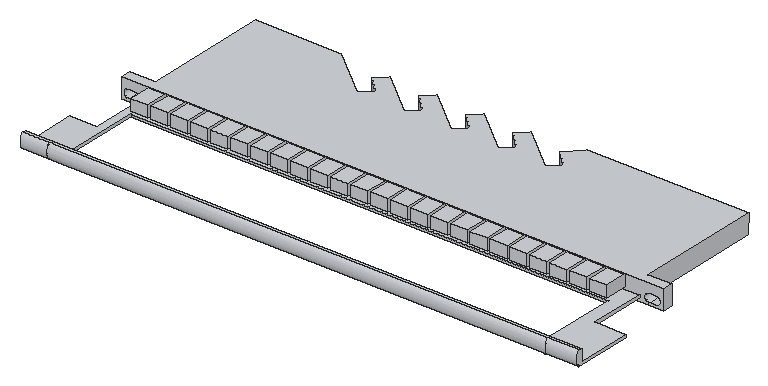
Revit family
Parameters
  Material ID = "760111039"
  Description = "3603M-48LC-SM"
Reference planes (in)
  plane 1 "Center (Front/Back)": y = 0
  plane 2: z = 0
  plane 3 "Center (Left/Right)": x = 0
Forms (in)
  Extrusion 1, solid
    sketch origin (0, 0, 0) x (1, 0, 0) y (0, 0, 1)
      loop
        line (-9.5, 0.86) -> (-9.5, 0) -> (-9.5, -0.86) -> (9.5, -0.86) -> (9.5, 0) -> (9.5, 0.86) -> (-9.5, 0.86)
    from 0 to 14.305
  Extrusion 2, void
    sketch origin (0, 0, 0) x (1, 0, 0) y (0, 0, 1)
      loop
        line (8.121, 0.86) -> (8.121, -0.86) -> (9.5, -0.86) -> (9.5, 0.86) -> (8.121, 0.86)
      loop
        line (-9.5, 0.86) -> (-9.5, -0.86) -> (-8.121, -0.86) -> (-8.121, 0.86) -> (-9.5, 0.86)
    from 0 to 13.93651
  Extrusion 3, void
    sketch origin (0, 0, 0) x (1, 0, 0) y (0, 0, 1)
      loop
        line (9.26111, 0.5628) -> (9.01111, 0.5628)
        arc (9.01111, 0.5628) -> (8.86111, 0.4128) -> (9.01111, 0.2628) r 0.15
        line (9.01111, 0.2628) -> (9.26111, 0.2628)
        arc (9.26111, 0.2628) -> (9.41111, 0.4128) -> (9.26111, 0.5628) r 0.15
      loop
        line (9.26111, 0.10167) -> (9.01111, 0.10167)
        arc (9.01111, 0.10167) -> (8.86111, -0.04833) -> (9.01111, -0.19833) r 0.15
        line (9.01111, -0.19833) -> (9.26111, -0.19833)
        arc (9.26111, -0.19833) -> (9.41111, -0.04833) -> (9.26111, 0.10167) r 0.15
      loop
        line (9.26111, -0.39833) -> (9.01111, -0.39833)
        arc (9.01111, -0.39833) -> (8.86111, -0.54833) -> (9.01111, -0.69833) r 0.15
        line (9.01111, -0.69833) -> (9.26111, -0.69833)
        arc (9.26111, -0.69833) -> (9.41111, -0.54833) -> (9.26111, -0.39833) r 0.15
      loop
        arc (-9.26111, 0.5628) -> (-9.41111, 0.4128) -> (-9.26111, 0.2628) r 0.15
        line (-9.26111, 0.2628) -> (-9.01111, 0.2628)
        arc (-9.01111, 0.2628) -> (-8.86111, 0.4128) -> (-9.01111, 0.5628) r 0.15
        line (-9.01111, 0.5628) -> (-9.26111, 0.5628)
      loop
        arc (-9.26111, 0.10167) -> (-9.41111, -0.04833) -> (-9.26111, -0.19833) r 0.15
        line (-9.26111, -0.19833) -> (-9.01111, -0.19833)
        arc (-9.01111, -0.19833) -> (-8.86111, -0.04833) -> (-9.01111, 0.10167) r 0.15
        line (-9.01111, 0.10167) -> (-9.26111, 0.10167)
      loop
        arc (-9.26111, -0.39833) -> (-9.41111, -0.54833) -> (-9.26111, -0.69833) r 0.15
        line (-9.26111, -0.69833) -> (-9.01111, -0.69833)
        arc (-9.01111, -0.69833) -> (-8.86111, -0.54833) -> (-9.01111, -0.39833) r 0.15
        line (-9.01111, -0.39833) -> (-9.26111, -0.39833)
    from 0 to 15.94904
  Extrusion 4, void
    sketch origin (0, 0, 0) x (1, 0, 0) y (0, 1, 0)
      loop
        circle (-0.49428, -8.32902) r 0.6
    from 0 to 1.66308
  Extrusion 5, solid
    sketch origin (0, 0, 0) x (1, 0, 0) y (0, 1, 0)
      loop
        line (8.66312, -13.93651) -> (8.66312, 4) -> (8.121, 4) -> (8.121, -13.93651) -> (8.66312, -13.93651)
      loop
        line (-8.116, -13.93651) -> (-8.116, 4) -> (-8.616, 4) -> (-8.616, -13.93651) -> (-8.116, -13.93651)
    from -0.86 to 0.86
  Extrusion 6, solid
    sketch origin (0, 0, 0) x (1, 0, 0) y (0, 0, 1)
      loop
        line (8.46415, 0.86) -> (-8.3892, 0.86) -> (-8.3892, -0.86) -> (8.46415, -0.86) -> (8.46415, 0.86)
    from 0 to -0.45
  Extrusion 7, solid
    sketch origin (0, -14.305, 0) x (1, 0, 0) y (0, 0, 1)
      loop
        line (-8.5516, 0.86) -> (-8.5516, 0.46) -> (-7.9516, 0.46) -> (-7.9516, 0.86) -> (-8.5516, 0.86)
    from 0 to 0.77696
  Extrusion 8, solid
    sketch origin (0.7, -14.305, 0) x (1, 0, 0) y (0, 0, 1)
      loop
        line (-8.5516, 0.86) -> (-8.5516, 0.46) -> (-7.9516, 0.46) -> (-7.9516, 0.86) -> (-8.5516, 0.86)
    from 0 to 0.77696
  Extrusion 9, solid
    sketch origin (1.4, -14.305, 0) x (1, 0, 0) y (0, 0, 1)
      loop
        line (-8.5516, 0.86) -> (-8.5516, 0.46) -> (-7.9516, 0.46) -> (-7.9516, 0.86) -> (-8.5516, 0.86)
    from 0 to 0.77696
  Extrusion 10, solid
    sketch origin (2.1, -14.305, 0) x (1, 0, 0) y (0, 0, 1)
      loop
        line (-8.5516, 0.86) -> (-8.5516, 0.46) -> (-7.9516, 0.46) -> (-7.9516, 0.86) -> (-8.5516, 0.86)
    from 0 to 0.77696
  Extrusion 11, solid
    sketch origin (2.8, -14.305, 0) x (1, 0, 0) y (0, 0, 1)
      loop
        line (-8.5516, 0.86) -> (-8.5516, 0.46) -> (-7.9516, 0.46) -> (-7.9516, 0.86) -> (-8.5516, 0.86)
    from 0 to 0.77696
  Extrusion 12, solid
    sketch origin (3.5, -14.305, 0) x (1, 0, 0) y (0, 0, 1)
      loop
        line (-8.5516, 0.86) -> (-8.5516, 0.46) -> (-7.9516, 0.46) -> (-7.9516, 0.86) -> (-8.5516, 0.86)
    from 0 to 0.77696
  Extrusion 13, solid
    sketch origin (4.2, -14.305, 0) x (1, 0, 0) y (0, 0, 1)
      loop
        line (-8.5516, 0.86) -> (-8.5516, 0.46) -> (-7.9516, 0.46) -> (-7.9516, 0.86) -> (-8.5516, 0.86)
    from 0 to 0.77696
  Extrusion 14, solid
    sketch origin (4.9, -14.305, 0) x (1, 0, 0) y (0, 0, 1)
      loop
        line (-8.5516, 0.86) -> (-8.5516, 0.46) -> (-7.9516, 0.46) -> (-7.9516, 0.86) -> (-8.5516, 0.86)
    from 0 to 0.77696
  Extrusion 15, solid
    sketch origin (5.6, -14.305, 0) x (1, 0, 0) y (0, 0, 1)
      loop
        line (-8.5516, 0.86) -> (-8.5516, 0.46) -> (-7.9516, 0.46) -> (-7.9516, 0.86) -> (-8.5516, 0.86)
    from 0 to 0.77696
  Extrusion 16, solid
    sketch origin (6.3, -14.305, 0) x (1, 0, 0) y (0, 0, 1)
      loop
        line (-8.5516, 0.86) -> (-8.5516, 0.46) -> (-7.9516, 0.46) -> (-7.9516, 0.86) -> (-8.5516, 0.86)
    from 0 to 0.77696
  Extrusion 17, solid
    sketch origin (7, -14.305, 0) x (1, 0, 0) y (0, 0, 1)
      loop
        line (-8.5516, 0.86) -> (-8.5516, 0.46) -> (-7.9516, 0.46) -> (-7.9516, 0.86) -> (-8.5516, 0.86)
    from 0 to 0.77696
  Extrusion 18, solid
    sketch origin (7.7, -14.305, 0) x (1, 0, 0) y (0, 0, 1)
      loop
        line (-8.5516, 0.86) -> (-8.5516, 0.46) -> (-7.9516, 0.46) -> (-7.9516, 0.86) -> (-8.5516, 0.86)
    from 0 to 0.77696
  Extrusion 19, solid
    sketch origin (8.4, -14.305, 0) x (1, 0, 0) y (0, 0, 1)
      loop
        line (-8.5516, 0.86) -> (-8.5516, 0.46) -> (-7.9516, 0.46) -> (-7.9516, 0.86) -> (-8.5516, 0.86)
    from 0 to 0.77696
  Extrusion 20, solid
    sketch origin (9.1, -14.305, 0) x (1, 0, 0) y (0, 0, 1)
      loop
        line (-8.5516, 0.86) -> (-8.5516, 0.46) -> (-7.9516, 0.46) -> (-7.9516, 0.86) -> (-8.5516, 0.86)
    from 0 to 0.77696
  Extrusion 21, solid
    sketch origin (9.8, -14.305, 0) x (1, 0, 0) y (0, 0, 1)
      loop
        line (-8.5516, 0.86) -> (-8.5516, 0.46) -> (-7.9516, 0.46) -> (-7.9516, 0.86) -> (-8.5516, 0.86)
    from 0 to 0.77696
  Extrusion 22, solid
    sketch origin (10.5, -14.305, 0) x (1, 0, 0) y (0, 0, 1)
      loop
        line (-8.5516, 0.86) -> (-8.5516, 0.46) -> (-7.9516, 0.46) -> (-7.9516, 0.86) -> (-8.5516, 0.86)
    from 0 to 0.77696
  Extrusion 23, solid
    sketch origin (11.2, -14.305, 0) x (1, 0, 0) y (0, 0, 1)
      loop
        line (-8.5516, 0.86) -> (-8.5516, 0.46) -> (-7.9516, 0.46) -> (-7.9516, 0.86) -> (-8.5516, 0.86)
    from 0 to 0.77696
  Extrusion 24, solid
    sketch origin (11.9, -14.305, 0) x (1, 0, 0) y (0, 0, 1)
      loop
        line (-8.5516, 0.86) -> (-8.5516, 0.46) -> (-7.9516, 0.46) -> (-7.9516, 0.86) -> (-8.5516, 0.86)
    from 0 to 0.77696
  Extrusion 25, solid
    sketch origin (12.6, -14.305, 0) x (1, 0, 0) y (0, 0, 1)
      loop
        line (-8.5516, 0.86) -> (-8.5516, 0.46) -> (-7.9516, 0.46) -> (-7.9516, 0.86) -> (-8.5516, 0.86)
    from 0 to 0.77696
  Extrusion 26, solid
    sketch origin (13.3, -14.305, 0) x (1, 0, 0) y (0, 0, 1)
      loop
        line (-8.5516, 0.86) -> (-8.5516, 0.46) -> (-7.9516, 0.46) -> (-7.9516, 0.86) -> (-8.5516, 0.86)
    from 0 to 0.77696
  Extrusion 27, solid
    sketch origin (14, -14.305, 0) x (1, 0, 0) y (0, 0, 1)
      loop
        line (-8.5516, 0.86) -> (-8.5516, 0.46) -> (-7.9516, 0.46) -> (-7.9516, 0.86) -> (-8.5516, 0.86)
    from 0 to 0.77696
  Extrusion 28, solid
    sketch origin (14.7, -14.305, 0) x (1, 0, 0) y (0, 0, 1)
      loop
        line (-8.5516, 0.86) -> (-8.5516, 0.46) -> (-7.9516, 0.46) -> (-7.9516, 0.86) -> (-8.5516, 0.86)
    from 0 to 0.77696
  Extrusion 29, solid
    sketch origin (15.4, -14.305, 0) x (1, 0, 0) y (0, 0, 1)
      loop
        line (-8.5516, 0.86) -> (-8.5516, 0.46) -> (-7.9516, 0.46) -> (-7.9516, 0.86) -> (-8.5516, 0.86)
    from 0 to 0.77696
  Extrusion 30, solid
    sketch origin (16.1, -14.305, 0) x (1, 0, 0) y (0, 0, 1)
      loop
        line (-8.5516, 0.86) -> (-8.5516, 0.46) -> (-7.9516, 0.46) -> (-7.9516, 0.86) -> (-8.5516, 0.86)
    from 0 to 0.77696
  Extrusion 31, solid, not visible
    sketch origin (0, -14.305, 0) x (1, 0, 0) y (0, 0, 1)
      loop
        line (-8.5516, 0.86) -> (-8.5516, 0.46) -> (-7.9516, 0.46) -> (-7.9516, 0.86) -> (-8.5516, 0.86)
    from 0 to 0.77696
  Extrusion 32, solid
    sketch origin (0, 0, 0) x (0, 1, 0) y (0, 0, 1)
      loop
        line (-14.30533, 0.28954) -> (-14.30533, 0.38954) -> (-18.20862, 0.38954) -> (-18.20862, 0.79912) -> (-18.30533, 0.79912)
        spline (-18.30533, 0.79912) -> (-18.3383, 0.79044) -> (-18.36902, 0.76498) -> (-18.39541, 0.72449) -> (-18.41565, 0.67172) -> (-18.42838, 0.61027) -> (-18.43272, 0.54433) -> (-18.42838, 0.47838) -> (-18.41565, 0.41693) -> (-18.39541, 0.36416) -> (-18.36902, 0.32367) -> (-18.3383, 0.29822) -> (-18.30533, 0.28954)
        line (-18.30533, 0.28954) -> (-14.30533, 0.28954)
    from -8.82211 to 8.66312
  Extrusion 33, void
    sketch origin (0, 0, 0) x (1, 0, 0) y (0, 1, 0)
      loop
        line (-8.5516, -15.08196) -> (-8.5516, -17.83196) -> (8.1984, -17.83196) -> (8.1984, -15.08196) -> (-8.5516, -15.08196)
    from -7.4352 to 12
  Extrusion 34, solid
    sketch origin (0, 0, 0) x (0, 1, 0) y (0, 0, 1)
      loop
        line (-18.20862, 0.79912) -> (-18.30533, 0.79912)
        spline (-18.30533, 0.79912) -> (-18.3383, 0.79044) -> (-18.36902, 0.76498) -> (-18.39541, 0.72449) -> (-18.41565, 0.67172) -> (-18.42838, 0.61027) -> (-18.43272, 0.54433) -> (-18.42838, 0.47838) -> (-18.41565, 0.41693) -> (-18.39541, 0.36416) -> (-18.36902, 0.32367) -> (-18.3383, 0.29822) -> (-18.30533, 0.28954)
        line (-18.30533, 0.28954) -> (-16.25697, 0.28954) -> (-16.25697, 0.38954) -> (-18.20862, 0.38954) -> (-18.20862, 0.79912)
    from -8.5516 to -9.76089
  Extrusion 35, solid
    sketch origin (0, 0, 0) x (0, 1, 0) y (0, 0, -1)
      loop
        line (-18.20862, -0.79912) -> (-18.20862, -0.38954) -> (-16.25697, -0.38954) -> (-16.25697, -0.28954) -> (-18.30533, -0.28954)
        spline (-18.30533, -0.28954) -> (-18.3383, -0.29822) -> (-18.36902, -0.32367) -> (-18.39541, -0.36416) -> (-18.41565, -0.41693) -> (-18.42838, -0.47838) -> (-18.43272, -0.54433) -> (-18.42838, -0.61027) -> (-18.41565, -0.67172) -> (-18.39541, -0.72449) -> (-18.36902, -0.76498) -> (-18.3383, -0.79044) -> (-18.30533, -0.79912)
        line (-18.30533, -0.79912) -> (-18.20862, -0.79912)
    from -8.5516 to -9.76089
  Extrusion 36, void
    sketch origin (0, 0, 0) x (1, 0, 0) y (0, 1, 0)
      loop
        line (-10.3016, 6.71819) -> (-10.3016, -9.53181) -> (-5.64517, -9.53181) -> (-3.95978, -10.94603) -> (-3.60622, -10.59247) -> (-4.13655, -10.06214) -> (-3.783, -9.70859) -> (-2.30828, -10.94603) -> (-1.95473, -10.59247) -> (-2.48506, -10.06214) -> (-2.1315, -9.70859) -> (-0.65678, -10.94603) -> (-0.30323, -10.59247) -> (-0.83356, -10.06214) -> (-0.48001, -9.70859) -> (0.99471, -10.94603) -> (1.34827, -10.59247) -> (0.81794, -10.06214) -> (1.17149, -9.70859) -> (2.64621, -10.94603) -> (2.99976, -10.59247) -> (2.46943, -10.06214) -> (2.99976, -9.53181) -> (9.634, -9.53181) -> (9.634, 6.71819) -> (-10.3016, 6.71819)
    from 3.45753 to -7.33852
  Extrusion 37, void
    sketch origin (0, 0, 0) x (1, 0, 0) y (0, 0, 1)
      loop
        line (-9.76089, 0.17356) -> (-9.76089, -0.96) -> (9.76089, -0.96) -> (9.76089, 0.17356) -> (-9.76089, 0.17356)
    from 0 to 28.30526
Cuts and joins
  Extrusion 2, Extrusion 3, Extrusion 4, Extrusion 36, Extrusion 37 cuts Extrusion 1
  Extrusion 36, Extrusion 37 cuts Extrusion 5
  Extrusion 36, Extrusion 37 cuts Extrusion 6
  joined: Extrusion 1, Extrusion 5, Extrusion 6
  Extrusion 33 cuts Extrusion 7
  Extrusion 33 cuts Extrusion 8
  Extrusion 33 cuts Extrusion 9
  Extrusion 33 cuts Extrusion 10
  Extrusion 33 cuts Extrusion 11
  Extrusion 33 cuts Extrusion 12
  Extrusion 33 cuts Extrusion 13
  Extrusion 33 cuts Extrusion 14
  Extrusion 33 cuts Extrusion 15
  Extrusion 33 cuts Extrusion 16
  Extrusion 33 cuts Extrusion 17
  Extrusion 33 cuts Extrusion 18
  Extrusion 33 cuts Extrusion 19
  Extrusion 33 cuts Extrusion 20
  Extrusion 33 cuts Extrusion 21
  Extrusion 33 cuts Extrusion 22
  Extrusion 33 cuts Extrusion 23
  Extrusion 33 cuts Extrusion 24
  Extrusion 33 cuts Extrusion 25
  Extrusion 33 cuts Extrusion 26
  Extrusion 33 cuts Extrusion 27
  Extrusion 33 cuts Extrusion 28
  Extrusion 33 cuts Extrusion 29
  Extrusion 33 cuts Extrusion 30
  Extrusion 33 cuts Extrusion 32
  joined: Extrusion 32, Extrusion 34, Extrusion 35
Dimensions and locks (in)
  equal spacing: group 1, group 2, group 3, group 4, group 5, group 6, group 7, group 8, group 9, group 10, group 11, group 12, group 13, group 14, group 15, group 16, group 17, group 18, group 19, group 20, group 21, group 22, group 23, group 24  (x3)
